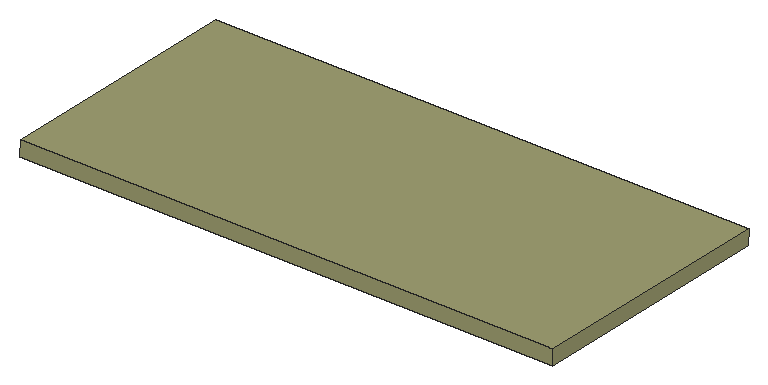
Revit family "Ecowool Partition Wall BAtts (14kgm3)", category Generic Models, host Face, Revit 2020
Family settings
  Host = Face
  Can host rebar = No
  Round Connector Dimension = Use Diameter
  Part Type = Normal
  Cut with Voids When Loaded = No
  Shared = No
  Room Calculation Point = No
Parameters (values of type "R1.3 - 50mm")
  Width [instance] = 800 mm
  URL = "www.ecowool.com.my"
  Type of Insulation = "Glass Mineral Wool Blanket"
  Thermal R value = 1.3
  Thermal K value = 0.0366
  Remarks = ""
  Material Specification = ""
  Manufacturer = "PGF Insulation Sdn. Bhd."
  Insulation Thickness = 50 mm
  Length(mm) [instance] = 1740 mm
  Finish = Partition Wall Batts
  ECOWOOL Product thickness in mm = ""
  Description = "ECOWOOL Brownie blanket and slabs are resilient, non-combustible, glass mineral wool products, supplied at roofing and walling application for residential and commercial building"
  Density = 14.00 kg/m³
  Default Elevation = 1219.2 mm
Types (4, lengths in mm): name | Thermal R value | Insulation Thickness
  (no name) | 1.3 | 50
  R2.2 - 90mm | 2.2 | 90
  R1.3 - 50mm | 1.3 | 50
  R1.9 - 75mm | 1.9 | 75
Reference planes
  plane 1 "Center (Front/Back)": y = 0
  plane 2: z = 0
  plane 3 "Center (Left/Right)": x = 0
  plane 4: x = 1740
  plane 5: y = -400
  plane 6: y = 400
Forms (mm)
  Sweep 1, solid, material "Partition Wall Batts" <- "Finish"
    path origin (0, 0, 0) x (1, 0, 0) y (0, 1, 0)
      loop
        line (0, 0) -> (1740, 0)
    profile origin (870, 0, 0) x (0, 1, 0) y (0, 0, 1)
      loop
        line (-400, 50) -> (-400, 0) -> (400, 0) -> (400, 50) -> (-400, 50)
Lines and regions (mm)
  reference lines
    curve 1: line (0, 0, 0) -> (1740, 0, 0)
Dimensions and locks
  "Width": plane 5 to plane 6
  equal spacing: plane 5, plane 1 "Center (Front/Back)", plane 6
  "Length(mm)": plane 3 "Center (Left/Right)" to plane 4
  "Insulation Thickness": host face to Sweep 1 sketch curve
  aligned and locked: plane 2 to host face
  aligned and locked: level to host face
  aligned and locked: plane 3 "Center (Left/Right)" to curve 1
  aligned and locked: plane 4 to curve 1
  aligned and locked: plane 3 "Center (Left/Right)" to Sweep 1 sketch curve
  aligned and locked: plane 4 to Sweep 1 sketch curve
  aligned and locked: level to Sweep 1 sketch curve
  aligned and locked: plane 6 to Sweep 1 sketch curve
  aligned and locked: Sweep 1 sketch curve to plane 5
Automatic sketch dimensions
  host sketch curve to host sketch curve = 1616.306 mm
  host sketch curve to host sketch curve = 2438.4 mm
  plane 1 "Center (Front/Back)" to curve 1 = 0 mm
  plane 1 "Center (Front/Back)" to Sweep 1 sketch curve = 0 mm
